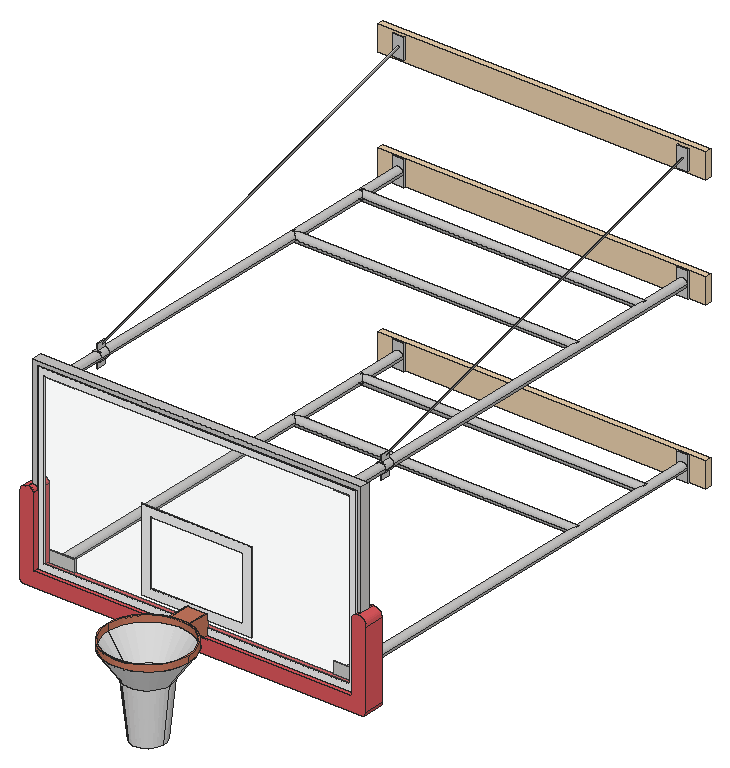
Revit family "Basketball_Backstop-Wall_Mount-Stationary-IPIbyBison-PKGxxSTRG", category Specialty Equipment, Revit 2023
Family settings
  Round Connector Dimension = Use Diameter
  Part Type = Normal
  OmniClass Number = 23.40.50.34.14
  OmniClass Title = Gymnasium Equipment
  Work Plane-Based = No
  Enable Cutting in Views = No
  Always vertical = Yes
  Cut with Voids When Loaded = No
  Maintain Annotation Orientation = No
  Shared = No
  Room Calculation Point = No
Parameters (values of type "PKG82STRG")
  padding color [instance] = Plastic - IPI by Bison - Scarlet SC
  Width = 6' - 0"
  Wall Plate Material = Wood - IPI by Bison
  URL = "https://ipibybison.com/"
  Suspension Type = "Telescoping"
  Support Tubing Material = Steel - IPI by Bison - Tubular Support
  Support Tubing Diameter = 0' - 1.9"
  Specification = "https://www.arcat.com/company/ipi-by-bison-38554/spec"
  Product Page URL = "https://www.arcat.com/arcatcos/cos38/arc38554.html"
  Padding Color [instance] = Plastic - IPI by Bison - Scarlet SC
  PKG82STRG Extension Range = "96\" to 144\""
  PKG68STRG Extension Range = "72\" to 96\""
  PKG46STRG Extension Range = "48\" to 72\""
  Netting = Finish - IPI by Bison - White Netting
  Mounting Height [instance] = 8' - 0"
  Model = "PKG82STRG"
  Manufacturer = "IPI by Bison"
  Keynote = "11 66 00"
  Hoop Finish = Powder Coat - IPI by Bison - Outdoor Orange
  Extension Depth = 8' - 0"
  Description = "Basketball Frame and Backboard, Wall Mount"
  Default Elevation = 0' - 0"
  Copyright = "© 2023 ARCAT"  # constant formula
  Category = ""
  CAD Details = "https://www.arcat.com/company/ipi-by-bison-38554/cad"
  Backboard Material = Fiberglass - IPI by Bison - Backboard
  Backboard Height = 3' - 6"
  Backboard Frame Material = Steel - IPI by Bison - Tubular Support
Types (3): name | Model | Extension Depth
  PKG68STRG | "PKG68STRG" | 6' - 0"
  PKG82STRG | "PKG82STRG" | 8' - 0"
  PKG46STRG | "PKG46STRG" | 4' - 0"
Reference planes (in)
  plane 1 "Back": y = 0
  plane 2 "Floor": z = 0
  plane 3 "Center (Left/Right)": x = 0
  plane 4 "Front": y = -96
  plane 5: y = -94
  plane 6 "Left": x = -36
  plane 7 "Right": x = 36
  plane 8 "Chain Alignment": x = -31.188
  plane 9 "Backboard Bottom": z = 96
  plane 10 "Chain Alignment 2": x = 31.188
  plane 11 "Top": z = 138
  plane 12: z = 135.091
  plane 13: z = 98.909
  plane 14: y = -1.5
  plane 15: y = -1.75
  plane 16: y = -93.75
  plane 17: z = 137.841
  plane 18: z = 132.341
  plane 19: z = 96.159
  plane 20: z = 101.659
  plane 21: x = -32.438
  plane 22: x = -29.938
  plane 23: x = 32.438
  plane 24: x = 29.938
  plane 25: z = 101.25
  plane 26: y = -96.0625
  plane 27: y = -12
  plane 28: z = 156.841
  plane 29 "Top Plate": z = 162.341
  plane 30: y = -82.5
  plane 31: y = -84.5
  plane 32: y = -83.5
  plane 33: z = 159.591
  plane 34: z = 136.841
  plane 35 "Board Center": y = -95
  plane 36: y = -30.5
Forms (in)
  Extrusion 1, solid, material "Steel - IPI by Bison - Tubular Support" <- "Support Tubing Material"
    sketch origin (0, 0, 0) x (1, 0, 0) y (0, 0, 1)
      loop
        circle (-31.188, 98.909) r 0.95
      loop
        circle (-31.188, 135.091) r 0.95
      loop
        circle (31.188, 98.909) r 0.95
      loop
        circle (31.188, 135.091) r 0.95
    from 1.75 to 93.75
  Extrusion 2, solid, material "Wood - IPI by Bison" <- "Wall Plate Material"
    sketch origin (0, 0, 0) x (0, 1, 0) y (0, 0, 1)
      loop
        line (0, 137.841) -> (-1.5, 137.841) -> (-1.5, 132.341) -> (0, 132.341) -> (0, 137.841)
      loop
        line (0, 101.659) -> (-1.5, 101.659) -> (-1.5, 96.159) -> (0, 96.159) -> (0, 101.659)
      loop
        line (0, 162.341) -> (-1.5, 162.341) -> (-1.5, 156.841) -> (0, 156.841) -> (0, 162.341)
    from -36 to 36
  Extrusion 3, solid, material "Steel - IPI by Bison - Tubular Support" <- "Support Tubing Material"
    sketch origin (0, 0, 0) x (1, 0, 0) y (0, 0, 1)
      loop
        line (-32.438, 137.841) -> (-32.438, 132.341) -> (-29.938, 132.341) -> (-29.938, 137.841) -> (-32.438, 137.841)
      loop
        line (29.938, 137.841) -> (29.938, 132.341) -> (32.438, 132.341) -> (32.438, 137.841) -> (29.938, 137.841)
      loop
        line (-32.438, 101.659) -> (-32.438, 96.159) -> (-29.938, 96.159) -> (-29.938, 101.659) -> (-32.438, 101.659)
      loop
        line (29.938, 101.659) -> (29.938, 96.159) -> (32.438, 96.159) -> (32.438, 101.659) -> (29.938, 101.659)
      loop
        line (-32.438, 161.841) -> (-32.438, 157.341) -> (-29.938, 157.341) -> (-29.938, 161.841) -> (-32.438, 161.841)
      loop
        line (32.438, 161.841) -> (29.938, 161.841) -> (29.938, 157.341) -> (32.438, 157.341) -> (32.438, 161.841)
    from 1.5 to 1.75
  Extrusion 4, solid, material "Steel - IPI by Bison - Tubular Support" <- "Support Tubing Material"
    sketch origin (0, 0, 0) x (1, 0, 0) y (0, 0, 1)
      loop
        line (-33.938, 133.841) -> (-28.438, 133.841) -> (-28.438, 136.341) -> (-33.938, 136.341) -> (-33.938, 133.841)
      loop
        line (33.938, 133.841) -> (33.938, 136.341) -> (28.438, 136.341) -> (28.438, 133.841) -> (33.938, 133.841)
      loop
        line (-33.938, 97.659) -> (-28.438, 97.659) -> (-28.438, 100.159) -> (-33.938, 100.159) -> (-33.938, 97.659)
      loop
        line (33.938, 97.659) -> (33.938, 100.159) -> (28.438, 100.159) -> (28.438, 97.659) -> (33.938, 97.659)
    from 93.75 to 94
  Extrusion 5, solid, material "Steel - IPI by Bison - Tubular Support" <- "Backboard Frame Material"
    sketch origin (0, 0, 0) x (1, 0, 0) y (0, 0, 1)
      loop
        line (-36, 138) -> (-36, 96) -> (36, 96) -> (36, 138) -> (-36, 138)
      loop
        line (-35, 137) -> (-35, 97) -> (35, 97) -> (35, 137) -> (-35, 137)
    from 94 to 96
  Extrusion 6, solid, material "Powder Coat - IPI by Bison - White"
    sketch origin (0, 0, 0) x (1, 0, 0) y (0, 0, 1)
      loop
        line (-35, 137) -> (-35, 97) -> (35, 97) -> (35, 137) -> (-35, 137)
      loop
        line (-33.5, 98.5) -> (33.5, 98.5) -> (33.5, 135.5) -> (-33.5, 135.5) -> (-33.5, 98.5)
      loop
        line (-12.061, 99.898) -> (12.061, 99.898) -> (12.061, 117.898) -> (-12.061, 117.898) -> (-12.061, 99.898)
      loop
        line (-10.061, 115.898) -> (-10.061, 101.898) -> (10.061, 101.898) -> (10.061, 115.898) -> (-10.061, 115.898)
    from 96 to 96.0625
  Extrusion 7, solid, material "Fiberglass - IPI by Bison - Backboard" <- "Backboard Material"
    sketch origin (0, 0, 0) x (1, 0, 0) y (0, 0, 1)
      loop
        line (-35, 137) -> (-35, 97) -> (35, 97) -> (35, 137) -> (-35, 137)
    from 94 to 96
  Extrusion 8, solid, material "Steel - IPI by Bison - Tubular Support" <- "Support Tubing Material"
    sketch origin (0, 0, 0) x (0, 1, 0) y (0, 0, 1)
      loop
        circle (-12, 135.091) r 0.95
      loop
        circle (-12, 98.909) r 0.95
    from -31.188 to 31.188
  Extrusion 9, solid, material "Steel - IPI by Bison - Tubular Support" <- "Support Tubing Material"
    sketch origin (0, 0, 0) x (1, 0, 0) y (0, 0, 1)
      loop
        circle (-31.188, 135.091) r 0.95
      loop
        arc (-31.313, 136.18535) -> (-32.28946, 135.091) -> (-31.313, 133.99665) r 1.10146
        line (-31.313, 133.99665) -> (-31.313, 132.657) -> (-31.063, 132.657) -> (-31.063, 133.99665)
        arc (-31.063, 133.99665) -> (-30.08654, 135.091) -> (-31.063, 136.18535) r 1.10146
        line (-31.063, 136.18535) -> (-31.063, 137.525) -> (-31.313, 137.525) -> (-31.313, 136.18535)
      loop
        circle (31.188, 135.091) r 0.95
      loop
        line (31.313, 136.18535) -> (31.313, 137.525) -> (31.063, 137.525) -> (31.063, 136.18535)
        arc (31.063, 136.18535) -> (30.08654, 135.091) -> (31.063, 133.99665) r 1.10146
        line (31.063, 133.99665) -> (31.063, 132.657) -> (31.313, 132.657) -> (31.313, 133.99665)
        arc (31.313, 133.99665) -> (32.28946, 135.091) -> (31.313, 136.18535) r 1.10146
    from 82.5 to 84.5
  Sweep 10, solid, material "Steel - IPI by Bison - Tubular Support" <- "Support Tubing Material"
    path origin (-31.188, 0, 0) x (0, 1, 0) y (0, 0, 1)
      loop
        line (-1.75, 159.591) -> (-83.5, 136.82634)
    profile origin (-31.188, -42.625, 148.20867) x (0, 0.26826, -0.963347) y (1, 0, 0)
      loop
        circle (0, 0) r 0.125
  Sweep 11, solid, material "Steel - IPI by Bison - Tubular Support" <- "Support Tubing Material"
    path origin (31.188, 0, 0) x (0, 1, 0) y (0, 0, 1)
      loop
        line (-1.75, 159.591) -> (-83.5, 136.82634)
    profile origin (31.188, -42.625, 148.20867) x (0, -0.26826, 0.963347) y (-1, 0, 0)
      loop
        circle (0, 0) r 0.125
  Extrusion 12, solid, material "Plastic - IPI by Bison - Scarlet SC" <- "padding color"
    sketch origin (-65.33518, -95, 0.37719) x (-1, 0, 0) y (0, 0, 1)
      loop
        arc (-29.36353, 112.98146) -> (-30.07064, 112.68857) -> (-30.36353, 111.98146) r 1
        line (-30.36353, 111.98146) -> (-30.36353, 96.62281) -> (-100.33518, 96.62281) -> (-100.33518, 111.98146)
        arc (-100.33518, 111.98146) -> (-100.62808, 112.68857) -> (-101.33518, 112.98146) r 1
        line (-101.33518, 112.98146) -> (-101.61353, 112.98146)
        arc (-101.61353, 112.98146) -> (-102.85097, 112.4689) -> (-103.36353, 111.23146) r 1.75
        line (-103.36353, 111.23146) -> (-103.36353, 94.48146)
        arc (-103.36353, 94.48146) -> (-103.07064, 93.77435) -> (-102.36353, 93.48146) r 1
        line (-102.36353, 93.48146) -> (-28.36353, 93.48146)
        arc (-28.36353, 93.48146) -> (-27.65643, 93.77435) -> (-27.36353, 94.48146) r 1
        line (-27.36353, 94.48146) -> (-27.36353, 111.23146)
        arc (-27.36353, 111.23146) -> (-27.8761, 112.4689) -> (-29.11353, 112.98146) r 1.75
        line (-29.11353, 112.98146) -> (-29.36353, 112.98146)
    from -2.18697 to 2.14819
  Extrusion 13, solid, material "Steel - IPI by Bison - Tubular Support" <- "Support Tubing Material"
    sketch origin (0, -18.5, 0) x (0, 1, 0) y (0, 0, 1)
      loop
        circle (-12, 135.091) r 0.95
      loop
        circle (-12, 98.909) r 0.95
    from -31.188 to 31.188
Dimensions and locks (in)
  "Extension Depth": plane 1 "Back" to plane 4 "Front"
  locked: plane 5 to plane 4 "Front" at 2
  equal spacing: plane 6 "Left", plane 3 "Center (Left/Right)", plane 7 "Right"
  "Width": plane 6 "Left" to plane 7 "Right"
  "Mounting Height": plane 9 "Backboard Bottom" to level
  "Backboard Height": plane 11 "Top" to plane 9 "Backboard Bottom"
  plane 14 to plane 1 "Back" = 0' - 1 1/2"
  locked: plane 14 to plane 15 at 0.25
  locked: plane 16 to plane 5 at 0.25
  equal spacing: plane 17, plane 12, plane 18
  locked: plane 17 to plane 18 at 5.5
  equal spacing: plane 20, plane 13, plane 19
  locked: plane 20 to plane 19 at 5.5
  equal spacing: plane 22, plane 8 "Chain Alignment", plane 21
  locked: plane 22 to plane 21 at 2.5
  equal spacing: plane 24, plane 10 "Chain Alignment 2", plane 23
  locked: plane 24 to plane 23 at 2.5
  equal spacing: Extrusion 4 sketch curve, plane 8 "Chain Alignment", Extrusion 4 sketch curve  (x2)
  locked: Extrusion 4 sketch curve to Extrusion 4 sketch curve at 5.5  (x4)
  equal spacing: Extrusion 4 sketch curve, plane 12, Extrusion 4 sketch curve  (x2)
  locked: Extrusion 4 sketch curve to Extrusion 4 sketch curve at 2.5  (x4)
  equal spacing: Extrusion 4 sketch curve, plane 10 "Chain Alignment 2", Extrusion 4 sketch curve  (x2)
  equal spacing: Extrusion 4 sketch curve, plane 13, Extrusion 4 sketch curve  (x2)
  locked: plane 11 "Top" to Extrusion 5 sketch curve at 1
  locked: Extrusion 5 sketch curve to Extrusion 5 sketch curve at 1
  locked: Extrusion 5 sketch curve to plane 7 "Right" at 1
  locked: Extrusion 5 sketch curve to plane 6 "Left" at 1
  Extrusion 6 sketch curve to Extrusion 5 to plane 6 "Left" = 0' - 1 1/2" locked, 0' - 1" locked
  Extrusion 6 sketch curve to Extrusion 5 to plane 7 "Right" = 0' - 1 1/2" locked, 0' - 1" locked
  plane 11 "Top" to Extrusion 5 to Extrusion 6 sketch curve = 0' - 1" locked, 0' - 1 1/2" locked
  Extrusion 6 sketch curve to Extrusion 5 to plane 9 "Backboard Bottom" = 0' - 1 1/2" locked, 0' - 1" locked
  locked: plane 21 to plane 6 "Left" at 3.562
  locked: plane 23 to plane 7 "Right" at 3.562
  locked: Extrusion 6 to plane 6 "Left" at 1
  locked: Extrusion 6 to plane 7 "Right" at 1
  locked: Extrusion 6 to plane 9 "Backboard Bottom" at 1
  locked: plane 11 "Top" to Extrusion 6 at 1
  locked: plane 25 to plane 9 "Backboard Bottom" at 5.25
  locked: plane 4 "Front" to plane 26 at 0.0625
  equal spacing: Extrusion 6 sketch curve, plane 3 "Center (Left/Right)", Extrusion 6 sketch curve
  locked: Extrusion 6 sketch curve to Extrusion 6 sketch curve at 2  (x4)
  locked: Extrusion 6 sketch curve to Extrusion 6 sketch curve at 14
  locked: Extrusion 6 sketch curve to plane 9 "Backboard Bottom" at 3.898
  locked: plane 27 to plane 1 "Back" at 12
  locked: plane 29 "Top Plate" to Extrusion 3 sketch curve at 0.5  (x2)
  locked: Extrusion 3 sketch curve to plane 28 at 0.5  (x2)
  locked: Extrusion 9 sketch curve to plane 12 at 2.434  (x2)
  locked: plane 12 to Extrusion 9 sketch curve at 2.434  (x2)
  locked: plane 30 to plane 31 at 2
  equal spacing: plane 30, plane 32, plane 31
  equal spacing: plane 29 "Top Plate", plane 33, plane 28
  locked: plane 17 to plane 34 at 1
  locked: plane 30 to plane 26 at 13.5625
  locked: plane 29 "Top Plate" to plane 28 at 5.5
  locked: plane 29 "Top Plate" to plane 17 at 24.5
  locked: plane 19 to plane 9 "Backboard Bottom" at 0.159
  locked: plane 11 "Top" to plane 17 at 0.159
  locked: plane 5 to plane 35 "Board Center" at 1
  "Support Tubing Diameter": diameter of Extrusion 1 sketch curve  (x4)
  "Support Tubing Diameter": diameter of Extrusion 8 sketch curve  (x2)
  "Support Tubing Diameter": diameter of Extrusion 13 sketch curve  (x2)
  aligned and locked: plane 2 "Floor" to level
  aligned and locked: plane 8 "Chain Alignment" to Extrusion 1 sketch curve  (x2)
  aligned and locked: plane 13 to Extrusion 1 sketch curve  (x2)
  aligned and locked: plane 12 to Extrusion 1 sketch curve  (x2)
  aligned and locked: plane 10 "Chain Alignment 2" to Extrusion 1 sketch curve  (x2)
  aligned and locked: Extrusion 1 to plane 16
  aligned and locked: plane 15 to Extrusion 1
  aligned and locked: Extrusion 2 sketch curve to plane 17
  aligned and locked: plane 14 to Extrusion 2 sketch curve  (x3)
  aligned and locked: plane 1 "Back" to Extrusion 2 sketch curve  (x3)
  aligned and locked: plane 18 to Extrusion 2 sketch curve
  aligned and locked: Extrusion 2 sketch curve to plane 20
  aligned and locked: plane 19 to Extrusion 2 sketch curve
  aligned and locked: Extrusion 2 to plane 6 "Left"
  aligned and locked: Extrusion 2 to plane 7 "Right"
  aligned and locked: plane 18 to Extrusion 3 sketch curve  (x2)
  aligned and locked: plane 21 to Extrusion 3 sketch curve  (x3)
  aligned and locked: plane 22 to Extrusion 3 sketch curve  (x3)
  aligned and locked: Extrusion 3 sketch curve to plane 17  (x2)
  aligned and locked: plane 23 to Extrusion 3 sketch curve  (x2)
  aligned and locked: plane 24 to Extrusion 3 sketch curve  (x2)
  aligned and locked: plane 19 to Extrusion 3 sketch curve  (x2)
  aligned and locked: Extrusion 3 sketch curve to plane 20  (x2)
  aligned and locked: plane 14 to Extrusion 3
  aligned and locked: Extrusion 3 to plane 15
  aligned and locked: Extrusion 4 to plane 5
  aligned and locked: plane 16 to Extrusion 4
  aligned and locked: plane 6 "Left" to Extrusion 5 sketch curve
  aligned and locked: Extrusion 5 sketch curve to plane 11 "Top"
  aligned and locked: plane 9 "Backboard Bottom" to Extrusion 5 sketch curve
  aligned and locked: plane 7 "Right" to Extrusion 5 sketch curve
  aligned and locked: plane 5 to Extrusion 5
  aligned and locked: Extrusion 5 to plane 4 "Front"
  aligned and locked: plane 5 to Extrusion 7
  aligned and locked: nested 1 to plane 3 "Center (Left/Right)"
  aligned and locked: nested 1 to plane 25
  aligned and locked: nested 1 to plane 4 "Front"
  aligned and locked: plane 4 "Front" to Extrusion 6
  aligned and locked: plane 26 to Extrusion 6
  aligned and locked: Extrusion 7 to plane 4 "Front"
  aligned and locked: plane 27 to Extrusion 8 sketch curve  (x2)
  aligned and locked: plane 12 to Extrusion 8 sketch curve
  aligned and locked: Extrusion 8 to plane 8 "Chain Alignment"
  aligned and locked: Extrusion 8 to plane 10 "Chain Alignment 2"
  aligned and locked: plane 13 to Extrusion 8 sketch curve
  aligned and locked: plane 28 to Extrusion 2 sketch curve
  aligned and locked: Extrusion 2 sketch curve to plane 29 "Top Plate"
  aligned and locked: Extrusion 3 sketch curve to plane 24
  aligned and locked: Extrusion 3 sketch curve to plane 23
  aligned and locked: plane 8 "Chain Alignment" to Extrusion 9 sketch curve
  aligned and locked: plane 12 to Extrusion 9 sketch curve  (x2)
  aligned and locked: plane 10 "Chain Alignment 2" to Extrusion 9 sketch curve
  aligned and locked: plane 30 to Extrusion 9
  aligned and locked: Extrusion 9 to plane 31
  aligned and locked: plane 33 to Sweep 10 sketch curve
  aligned and locked: plane 32 to Sweep 10 sketch curve
  aligned and locked: plane 15 to Sweep 10 sketch curve
  aligned and locked: plane 32 to Sweep 11 sketch curve
  aligned and locked: plane 15 to Sweep 11 sketch curve
  aligned and locked: plane 36 to Extrusion 13 sketch curve  (x2)
Automatic sketch dimensions
  plane 34 to Extrusion 6 sketch curve = 0' - 0.159"
  plane 6 "Left" to Extrusion 6 sketch curve = 0' - 1"
  Extrusion 6 sketch curve to plane 3 "Center (Left/Right)" = 1' - 0.061"
  plane 7 "Right" to Extrusion 6 sketch curve = 0' - 1"
  plane 19 to Extrusion 6 sketch curve = 0' - 0.841"
  plane 6 "Left" to Extrusion 7 sketch curve = 0' - 1"
  plane 7 "Right" to Extrusion 7 sketch curve = 0' - 1"
  plane 19 to Extrusion 7 sketch curve = 0' - 0.841"
  plane 34 to Extrusion 7 sketch curve = 0' - 0.159"
  Extrusion 9 sketch curve to Extrusion 9 sketch curve = 0' - 0"  (x10)
  Extrusion 9 sketch curve to plane 8 "Chain Alignment" = 0' - 0 1/8"  (x2)
  plane 8 "Chain Alignment" to Extrusion 9 sketch curve = 0' - 0 1/8"  (x2)
  plane 10 "Chain Alignment 2" to Extrusion 9 sketch curve = 0' - 0 1/8"  (x2)
  Extrusion 9 sketch curve to plane 10 "Chain Alignment 2" = 0' - 0 1/8"  (x2)
  Extrusion 9 sketch curve to plane 12 = 0' - 1.09435"  (x2)
  Sweep 10 sketch curve to plane 34 = 0' - 0.01466"
  Sweep 10 sketch curve to plane 8 "Chain Alignment" = 0' - 0"
  Sweep 10 sketch curve to profile plane = 0' - 0"
  Sweep 11 sketch curve to plane 33 = 0' - 0"
  plane 34 to Sweep 11 sketch curve = 0' - 0.01466"
  Sweep 11 sketch curve to plane 10 "Chain Alignment 2" = 0' - 0"
  profile plane to Sweep 11 sketch curve = 0' - 0"
  plane 7 "Right" to Extrusion 12 sketch curve = 0' - 0"
  Extrusion 12 sketch curve to plane 7 "Right" = 0' - 0.27835"
  Extrusion 12 sketch curve to plane 7 "Right" = 0' - 1.02835"
  Extrusion 12 sketch curve to Extrusion 12 sketch curve = 0' - 1 3/4"  (x2)
  plane 7 "Right" to Extrusion 12 sketch curve = 0' - 1"
  plane 6 "Left" to Extrusion 12 sketch curve = 0' - 1.02835"
  plane 6 "Left" to Extrusion 12 sketch curve = 0' - 0.02835"
  Extrusion 12 sketch curve to plane 6 "Left" = 0' - 0.22165"
  Extrusion 12 sketch curve to plane 6 "Left" = 0' - 0.97165"
  Extrusion 12 sketch curve to plane 9 "Backboard Bottom" = 0' - 2.14135"
  plane 19 to Extrusion 12 sketch curve = 0' - 0.841"
  plane 20 to Extrusion 12 sketch curve = 0' - 9.94965"  (x2)
  plane 13 to Extrusion 13 sketch curve = 0' - 0"
  Extrusion 13 sketch curve to plane 12 = 0' - 0"
  radius of Extrusion 9 sketch curve = 0' - 0.95"  (x2)
  radius of Sweep 10 sketch curve = 0' - 0 1/8"
  radius of Sweep 11 sketch curve = 0' - 0 1/8"
Nested families (in)
  nested 1: "Playground-System_Heavy-Duty-4_1-2in_PR52_Basket" at (0, -96, 101.25), Netting <- "Netting", Frame <- "Hoop Finish", type "Playground-System_Heavy-Duty-4_1-2in_PR52_Basket"
    with Netting Finish - IPI by Bison - White Netting, Frame Powder Coat - IPI by Bison - Outdoor Orange
Definition of nested family "Playground-System_Heavy-Duty-4_1-2in_PR52_Basket"
  Parameters (values of type "Playground-System_Heavy-Duty-4_1-2in_PR52_Basket")
    Netting [instance] = none
    Frame [instance] = none
    Default Elevation = 0' - 0"
  Reference planes (in)
    plane 1 "Center (Front/Back)": y = 0
    plane 2: z = 0
    plane 3 "Center (Left/Right)": x = 0
    plane 4 "Net": y = -13.5
    plane 5: x = -2.25
    plane 6: x = 2.25
  Forms (in)
    Extrusion 1, solid, material <- "Frame"
      sketch origin (0, 0, 0) x (1, 0, 0) y (0, 1, 0)
        loop
          circle (0, -13.5) r 9
        loop
          circle (0, -13.5) r 8.75
      from -1.38229 to 0
    Extrusion 2, solid, material <- "Frame"
      sketch origin (0, 0, 0) x (0, 1, 0) y (0, 0, 1)
        loop
          line (0, 0) -> (-4.75, 0) -> (-4.75, -1.1813) -> (0, -5.25) -> (0, 0)
      from -2.25 to -2.06458
    Extrusion 3, solid, material <- "Frame"
      sketch origin (0, 0, 0) x (0, 1, 0) y (0, 0, -1)
        loop
          line (0, 0) -> (0, 5.25) -> (-4.75, 1.1813) -> (-4.75, 0) -> (0, 0)
      from -2.25 to -2.06458
    Extrusion 4, solid, material <- "Frame"
      sketch origin (0, 0, 0) x (0, 1, 0) y (0, 0, 1)
        loop
          line (-4.75, 0) -> (-4.75, -0.25) -> (-0.25, -0.25) -> (-0.25, -5.03586) -> (0, -5.25) -> (0, 0) -> (-4.75, 0)
      from -2.06458 to 2.06458
    Revolve 5, solid, material <- "Netting"
      sketch origin (0, -13.5, 0) x (-1, 0, 0) y (0, 0, 1)
        loop
          line (9, -1.38229) -> (8.8474, -1.38229) -> (4.72063, -7.27592) -> (3.4482, -19.38229) -> (3.57389, -19.38229) -> (4.84157, -7.32114) -> (9, -1.38229)
        axis (0, -1.38229) -> (0, -19.38229)
      angle from 0 to 360
  Dimensions and locks (in)
    locked: level to Extrusion 1 at 1.38229
    locked: plane 4 "Net" to plane 1 "Center (Front/Back)" at 13.5
    equal spacing: plane 6, plane 3 "Center (Left/Right)", plane 5
    locked: plane 6 to plane 5 at 4.5
    aligned and locked: plane 2 to level
    aligned and locked: level to Extrusion 1
  Automatic sketch dimensions
    Extrusion 1 sketch curve to Extrusion 1 sketch curve = 0' - 0"  (x2)
    Extrusion 1 sketch curve to plane 3 "Center (Left/Right)" = 0' - 0"
    Extrusion 1 sketch curve to plane 4 "Net" = 0' - 0"
    Revolve 5 sketch curve to plane 3 "Center (Left/Right)" = 0' - 0"
    Revolve 5 sketch curve to plane 5 = 0' - 1.1982"
    Revolve 5 sketch curve to Revolve 5 sketch curve = 0' - 0.12569"
    Revolve 5 sketch curve to plane 5 = 0' - 2.47063"
    Revolve 5 sketch curve to Revolve 5 sketch curve = 0' - 0.12094"
    Revolve 5 sketch curve to level = 0' - 1.38229"  (x2)
    Revolve 5 sketch curve to plane 5 = 0' - 6.5974"
    Revolve 5 sketch curve to Revolve 5 sketch curve = 0' - 0.1526"
    Revolve 5 sketch curve to Revolve 5 sketch curve = 0' - 0.04522"
    Revolve 5 sketch curve to Revolve 5 sketch curve = 1' - 0.06115"
    Revolve 5 sketch curve to Revolve 5 sketch curve = 0' - 1"
    Revolve 5 sketch curve to Revolve 5 sketch curve = 0' - 5.89364"
    Extrusion 2 sketch curve to level = 0' - 0"
    Extrusion 2 sketch curve to plane 1 "Center (Front/Back)" = 0' - 0"
    Extrusion 2 sketch curve to level = 0' - 1.1813"
    plane 1 "Center (Front/Back)" to Extrusion 2 sketch curve = 0' - 4 3/4"
    Extrusion 2 sketch curve to level = 0' - 5 1/4"
    Extrusion 3 sketch curve to level = 0' - 0"
    Extrusion 3 sketch curve to plane 1 "Center (Front/Back)" = 0' - 0"
    Extrusion 3 sketch curve to level = 0' - 1.1813"
    plane 1 "Center (Front/Back)" to Extrusion 3 sketch curve = 0' - 4 3/4"
    Extrusion 3 sketch curve to level = 0' - 5 1/4"
    Extrusion 4 sketch curve to level = 0' - 0"
    Extrusion 4 sketch curve to plane 1 "Center (Front/Back)" = 0' - 0"
    plane 1 "Center (Front/Back)" to Extrusion 4 sketch curve = 0' - 0 1/4"
    Extrusion 4 sketch curve to level = 0' - 0 1/4"
    Extrusion 4 sketch curve to Extrusion 4 sketch curve = 0' - 4 1/2"
    Extrusion 4 sketch curve to Extrusion 4 sketch curve = 0' - 4.78586"
    Extrusion 4 sketch curve to Extrusion 4 sketch curve = 0' - 0.21414"
    radius of Extrusion 1 sketch curve = 0' - 9"
    radius of Extrusion 1 sketch curve = 0' - 8 3/4"
